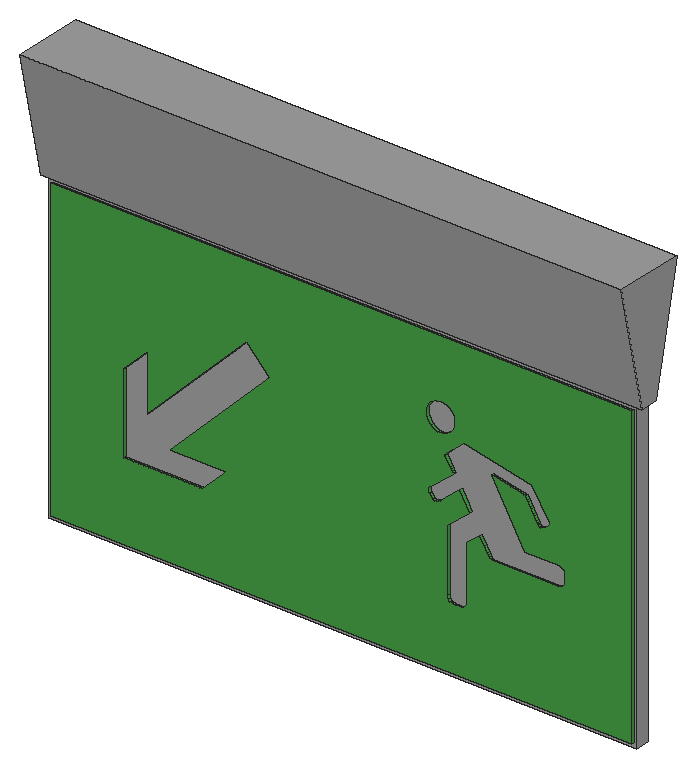
Revit family "ExiLED M ST LED (skrått 45 grader ned mot venstre_takmontasje)", category Lighting Fixtures, Revit 2013
Parameters (values of type "44m")
  Width Top = 53 mm
  Width = 10 mm
  Wattage Comments = "17 W"
  Wattage = 9.2903 W
  built-in parameter 1150110 = 1 (stored number, unit not read)
  Voltage = 230 V
  URL = ""
  built-in parameter 1114217 = 1 (stored number, unit not read)
  Tilt Angle = 90.00°
  built-in parameter 1150109 = 1 (stored number, unit not read)
  built-in parameter 1150134 = 3
  Symbol Positive Direction [instance] = yes
  Symbol Offset Side [instance] = 0 mm
  Symbol Offset Out [instance] = 0 mm
  built-in parameter 1150113 = 1 (stored number, unit not read)
  Reference Line Out [instance] = 31.983 mm
  Photometric Web File = "20x42A12.ies"
  Number of Poles = 1
  built-in parameter 1150105 = 109.82 (stored number, unit not read)
  Lumens = 1380 lm
  built-in parameter 1150115 = 1 (stored number, unit not read)
  Load Classification [instance] = Other
  Model = ""
  Manufacturer = ""
  built-in parameter 1150137 = (empty or 0)
  built-in parameter 1150139 = (empty or 0)
  Length = 455 mm
  built-in parameter 1150112 = 1 (stored number, unit not read)
  built-in parameter 1150114 = 1 (stored number, unit not read)
  Lamp = "1"
  built-in parameter 1150132 = (empty or 0)
  built-in parameter 1150102 = (empty or 0)
  built-in parameter 1150107 = 3200 (stored number, unit not read)
  built-in parameter 1150138 = (empty or 0)
  built-in parameter 1150106 = 1.0982 (stored number, unit not read)
  Height 1 = 232 mm
  Height = 322 mm
  built-in parameter 1150127 = Width  # 10 mm
  Emit from Rectangle Length = Length  # 455 mm
  Emit Shape Visible in Rendering = no
  built-in parameter 1150104 = 13.8 (stored number, unit not read)
  Dimming Lamp Color Temperature Shift = <None>
  Description = ""
  Color Filter = 16777215
  Body Material and Colour = Default
  built-in parameter 1114218 = 1 (stored number, unit not read)
  Emit from Rectangle Width = 3048 mm
  Assembly Code = ""
  Apparent Load = 17 VA
  44m = yes
  34m = no
  22m = no
Types (3, lengths in mm): name | Length | Height 1 | Height | Emit from Rectangle Length | 44m | 34m | 22m
  22m | 265 | 132 | 222 | 265 | no | no | yes
  34 m | 365 | 182 | 272 | 365 | no | yes | no
  44m | 455 | 232 | 322 | 455 | yes | no | no
Reference planes
  plane 1 "Light Source Axis (F/B)": y = 119.961
  plane 2 "Top": z = 83
  plane 3 "Light Source Axis (L/R)": x = 0
  plane 4 "Level": z = 0
  plane 5 "Bottom": z = -322
  plane 6: x = -227.5
  plane 7: x = 227.5
  plane 8: y = 124.961
  plane 9: y = 114.961
  plane 10: y = 126.961
  plane 11: y = 112.961
  plane 12: z = -90
  plane 13: y = 146.461
  plane 14: y = 93.461
  plane 15: x = -222.5
  plane 16: x = 222.5
  plane 17: z = -206
Forms (mm)
  Extrusion 1, solid, material "Default" <- "Body Material and Colour"
    sketch origin (0, 0, 0) x (0, 1, 0) y (0, 0, 1)
      loop
        line (124.961, -90) -> (114.961, -90) -> (114.961, -322) -> (124.961, -322) -> (124.961, -90)
    from -222.5 to 222.5
  Extrusion 2, solid, material "Default" <- "Body Material and Colour"
    sketch origin (0, 0, 0) x (0, 1, 0) y (0, 0, 1)
      loop
        line (93.461, 0) -> (112.961, -90) -> (126.961, -90) -> (146.461, 0) -> (93.461, 0)
    from -227.5 to 227.5
Lines and regions (mm)
  model lines, style "InvisibleLines"
    curve 1: line (0, 119.961, 0) -> (0, 151.943, 0)
Dimensions and locks
  "Height": plane 4 "Level" to plane 5 "Bottom"
  equal spacing: plane 6, plane 3 "Light Source Axis (L/R)", plane 7
  "Length": plane 6 to plane 7
  equal spacing: plane 8, plane 1 "Light Source Axis (F/B)", plane 9
  "Width": plane 8 to plane 9
  locked: plane 10 to plane 8 at 2
  locked: plane 9 to plane 11 at 2
  equal spacing: plane 13, plane 1 "Light Source Axis (F/B)", plane 14
  "Width Top": plane 13 to plane 14
  locked: plane 15 to plane 6 at 5
  locked: plane 7 to plane 16 at 5
  "Height 1": plane 12 to plane 5 "Bottom"
  equal spacing: plane 12, plane 17, plane 5 "Bottom"
  "Reference Line Out": plane 1 "Light Source Axis (F/B)" to curve 1
  aligned and locked: plane 4 "Level" to level
  aligned and locked: imposter light to plane 5 "Bottom"
  aligned and locked: plane 9 to Extrusion 1 sketch curve
  aligned and locked: plane 8 to Extrusion 1 sketch curve
  aligned and locked: Extrusion 1 sketch curve to plane 12
  aligned and locked: plane 4 "Level" to Extrusion 2 sketch curve
  aligned and locked: plane 12 to Extrusion 2 sketch curve
  aligned and locked: plane 13 to Extrusion 2 sketch curve
  aligned and locked: plane 14 to Extrusion 2 sketch curve
  aligned and locked: plane 11 to Extrusion 2 sketch curve
  aligned and locked: plane 10 to Extrusion 2 sketch curve
  aligned and locked: Extrusion 2 to plane 6
  aligned and locked: plane 7 to Extrusion 2
  aligned and locked: Extrusion 1 to plane 15
  aligned and locked: Extrusion 1 to plane 16
  aligned and locked: Extrusion 1 to plane 8
  aligned and locked: plane 9 to nested 1
  aligned and locked: plane 17 to nested 1
  aligned and locked: plane 3 "Light Source Axis (L/R)" to nested 1
  aligned and locked: plane 9 to nested 3
  aligned and locked: plane 17 to nested 3
  aligned and locked: nested 3 to plane 3 "Light Source Axis (L/R)"
  aligned and locked: plane 3 "Light Source Axis (L/R)" to nested 4
  aligned and locked: plane 9 to nested 4
  aligned and locked: plane 17 to nested 4
  aligned and locked: plane 8 to nested 5
  aligned and locked: plane 8 to nested 6
  aligned and locked: nested 5 to plane 17
  aligned and locked: nested 6 to plane 17
  aligned and locked: plane 3 "Light Source Axis (L/R)" to nested 7
  aligned and locked: plane 1 "Light Source Axis (F/B)" to nested 7
  aligned and locked: plane 1 "Light Source Axis (F/B)" to curve 1
  aligned and locked: plane 3 "Light Source Axis (L/R)" to curve 1
Automatic sketch dimensions
  Extrusion 1 sketch curve to plane 5 "Bottom" = 0 mm
Nested families
  nested 1: "22m_skrått 45 grader ned mot venstre" at (0, 114.961, -206), visible <- "22m", type "22m"
  nested 2: "22m_skrått 45 grader ned mot venstre" at (0, 124.961, -156), visible <- "22m", type "22m"
  nested 3: "34m_skrått 45 grader ned mot venstre" at (0, 114.961, -206), visible <- "34m", type "34m"
  nested 4: "44m_skrått 45 grader ned mot venstre" at (0, 114.961, -206), visible <- "44m", type "44m"
  nested 5: "44m_skrått 45 grader ned mot venstre" at (0, 124.961, -206), visible <- "44m", type "44m"
  nested 6: "34m_skrått 45 grader ned mot venstre" at (0, 124.961, -206), visible <- "34m", type "34m"
  nested 7: "MarkeringslysTakS" at (0, 119.961, 0), type "Type 1"
Connectors
  electrical at (0, 119.961, 0), driven by "Number of Poles", driven by "Load Classification", driven by "Voltage", driven by "Apparent Load"
    settings: on Extrusion 2, index 1, voltage 230 V, apparent load 0 VA, apparent load phase1 17 VA, apparent load phase2 0 VA, apparent load phase3 0 VA, power factor 1, load classification "Other", number of poles 1, system type 31, power factor state 1, is connector primary yes, connector utility no, sub classification motor no, connector description ""
Definition of nested family "22m_skrått 45 grader ned mot venstre"
  Parameters (values of type "22m")
    Material = yes
  Reference planes
    plane 1 "Center (Front/Back)": y = 0
    plane 2: z = 0
    plane 3 "Center (Left/Right)": x = 0
    plane 4: y = -2
  Forms (mm)
    Extrusion 1, solid, material "Green", visible <- "Material"
      sketch origin (0, 0, 0) x (1, 0, 0) y (0, 0, 1)
        loop
          line (-124.5, 63) -> (-124.5, -63) -> (124.5, -63) -> (124.5, 63) -> (-124.5, 63)
        loop
          circle (37.537, 37.911) r 7
        loop
          line (43.27, 25.598) -> (39.62, 21.947) -> (43.713, 14.858) -> (32.09, 5.106)
          arc (32.09, 5.106) -> (31.405, 3.789) -> (31.851, 2.374) r 1.939
          line (31.851, 2.374) -> (33.513, 0.393)
          arc (33.513, 0.393) -> (34.83, -0.292) -> (36.245, 0.154) r 1.939
          line (36.245, 0.154) -> (46.994, 9.174) -> (51.917, 0.649) -> (40.626, -8.825) -> (40.626, -39.679)
          arc (40.626, -39.679) -> (41.573, -41.964) -> (43.858, -42.911) r 3.232
          line (43.858, -42.911) -> (47.089, -42.911)
          arc (47.089, -42.911) -> (49.374, -41.964) -> (50.321, -39.679) r 3.232
          line (50.321, -39.679) -> (50.321, -13.346) -> (56.839, -7.877) -> (62.002, -16.82) -> (95.564, -16.82)
          arc (95.564, -16.82) -> (97.849, -15.873) -> (98.796, -13.588) r 3.232
          line (98.796, -13.588) -> (98.796, -10.356)
          arc (98.796, -10.356) -> (97.849, -8.071) -> (95.564, -7.125) r 3.232
          line (95.564, -7.125) -> (78.794, -7.125) -> (62.518, 21.066) -> (79.335, 17.791) -> (85.393, 7.3)
          arc (85.393, 7.3) -> (86.619, 6.384) -> (88.128, 6.643) r 1.939
          line (88.128, 6.643) -> (90.367, 8.097)
          arc (90.367, 8.097) -> (91.208, 9.32) -> (90.937, 10.78) r 1.939
          line (90.937, 10.78) -> (82.509, 23.758) -> (48.881, 30.306) -> (43.27, 25.598)
        loop
          line (-95.32, 5.171) -> (-95.32, -32.667) -> (-57.483, -32.667) -> (-46.131, -21.315) -> (-72.618, -21.315) -> (-25.32, 25.982) -> (-36.672, 37.333) -> (-83.969, -9.964) -> (-83.969, 16.523) -> (-95.32, 5.171)
      from 0 to 2
  Dimensions and locks
    aligned and locked: level to plane 2
    aligned and locked: plane 4 to Extrusion 1
    aligned and locked: Extrusion 1 to plane 1 "Center (Front/Back)"
    aligned and locked: Extrusion 1 to plane 4
Definition of nested family "34m_skrått 45 grader ned mot venstre"
  Parameters (values of type "34m")
    Material = yes
  Reference planes
    plane 1 "Center (Front/Back)": y = 0
    plane 2: z = 0
    plane 3 "Center (Left/Right)": x = 0
    plane 4: y = -2
  Forms (mm)
    Extrusion 1, solid, material "Green", visible <- "Material"
      sketch origin (0, 0, 0) x (1, 0, 0) y (0, 0, 1)
        loop
          line (-177, 88) -> (-177, -88) -> (177, -88) -> (177, 88) -> (-177, 88)
        loop
          circle (59.197, 48.678) r 8.988
        loop
          line (66.559, 32.868) -> (61.872, 28.181) -> (67.127, 19.078) -> (52.204, 6.556)
          arc (52.204, 6.556) -> (51.324, 4.865) -> (51.897, 3.048) r 2.49
          line (51.897, 3.048) -> (54.031, 0.505)
          arc (54.031, 0.505) -> (55.721, -0.375) -> (57.538, 0.198) r 2.49
          line (57.538, 0.198) -> (71.341, 11.78) -> (77.661, 0.833) -> (63.164, -11.332) -> (63.164, -50.949)
          arc (63.164, -50.949) -> (64.379, -53.883) -> (67.313, -55.098) r 4.149
          line (67.313, -55.098) -> (71.463, -55.098)
          arc (71.463, -55.098) -> (74.397, -53.883) -> (75.612, -50.949) r 4.149
          line (75.612, -50.949) -> (75.612, -17.137) -> (83.981, -10.114) -> (90.611, -21.597) -> (133.705, -21.597)
          arc (133.705, -21.597) -> (136.639, -20.381) -> (137.855, -17.447) r 4.149
          line (137.855, -17.447) -> (137.855, -13.298)
          arc (137.855, -13.298) -> (136.639, -10.364) -> (133.705, -9.148) r 4.149
          line (133.705, -9.148) -> (112.172, -9.148) -> (91.274, 27.049) -> (112.867, 22.844) -> (120.645, 9.373)
          arc (120.645, 9.373) -> (122.22, 8.197) -> (124.157, 8.53) r 2.49
          line (124.157, 8.53) -> (127.032, 10.397)
          arc (127.032, 10.397) -> (128.111, 11.967) -> (127.764, 13.841) r 2.49
          line (127.764, 13.841) -> (116.942, 30.506) -> (73.764, 38.913) -> (66.559, 32.868)
        loop
          line (-124.003, 3.295) -> (-124.003, -41.705) -> (-79.003, -41.705) -> (-65.503, -28.205) -> (-97.003, -28.205) -> (-40.753, 28.045) -> (-54.253, 41.545) -> (-110.503, -14.705) -> (-110.503, 16.795) -> (-124.003, 3.295)
      from 0 to 2
  Dimensions and locks
    aligned and locked: level to plane 2
    aligned and locked: plane 4 to Extrusion 1
    aligned and locked: Extrusion 1 to plane 1 "Center (Front/Back)"
    aligned and locked: Extrusion 1 to plane 4
Definition of nested family "44m_skrått 45 grader ned mot venstre"
  Parameters (values of type "44m")
    Material = yes
  Reference planes
    plane 1 "Center (Front/Back)": y = 0
    plane 2: z = 0
    plane 3 "Center (Left/Right)": x = 0
    plane 4: y = -2
  Forms (mm)
    Extrusion 1, solid, material "Green", visible <- "Material"
      sketch origin (0, 0, 0) x (1, 0, 0) y (0, 0, 1)
        loop
          line (-220, 113) -> (-220, -113) -> (220, -113) -> (220, 113) -> (-220, 113)
        loop
          circle (75.849, 58.115) r 10.73
        loop
          line (84.638, 39.24) -> (79.042, 33.644) -> (85.317, 22.776) -> (67.5, 7.827)
          arc (67.5, 7.827) -> (66.45, 5.809) -> (67.134, 3.639) r 2.972
          line (67.134, 3.639) -> (69.681, 0.603)
          arc (69.681, 0.603) -> (71.699, -0.447) -> (73.869, 0.237) r 2.972
          line (73.869, 0.237) -> (90.347, 14.064) -> (97.892, 0.994) -> (80.585, -13.528) -> (80.585, -60.825)
          arc (80.585, -60.825) -> (82.036, -64.328) -> (85.539, -65.779) r 4.954
          line (85.539, -65.779) -> (90.492, -65.779)
          arc (90.492, -65.779) -> (93.995, -64.328) -> (95.446, -60.825) r 4.954
          line (95.446, -60.825) -> (95.446, -20.459) -> (105.438, -12.075) -> (113.353, -25.783) -> (164.801, -25.783)
          arc (164.801, -25.783) -> (168.304, -24.332) -> (169.755, -20.829) r 4.954
          line (169.755, -20.829) -> (169.755, -15.876)
          arc (169.755, -15.876) -> (168.304, -12.373) -> (164.801, -10.922) r 4.954
          line (164.801, -10.922) -> (139.094, -10.922) -> (114.144, 32.293) -> (139.923, 27.273) -> (149.208, 11.19)
          arc (149.208, 11.19) -> (151.089, 9.786) -> (153.401, 10.183) r 2.972
          line (153.401, 10.183) -> (156.834, 12.413)
          arc (156.834, 12.413) -> (158.123, 14.287) -> (157.708, 16.524) r 2.972
          line (157.708, 16.524) -> (144.788, 36.42) -> (93.24, 46.457) -> (84.638, 39.24)
        loop
          line (-164.557, 6.217) -> (-164.557, -53.783) -> (-104.557, -53.783) -> (-86.557, -35.783) -> (-128.557, -35.783) -> (-53.557, 39.217) -> (-71.557, 57.217) -> (-146.557, -17.783) -> (-146.557, 24.217) -> (-164.557, 6.217)
      from 0 to 2
  Dimensions and locks
    aligned and locked: level to plane 2
    aligned and locked: plane 4 to Extrusion 1
    aligned and locked: Extrusion 1 to plane 1 "Center (Front/Back)"
    aligned and locked: Extrusion 1 to plane 4
Definition of nested family "MarkeringslysTakS"
  Parameters (values of type "Type 1")
    CQ Symbol Positive Direction = yes
    CQ Symbol Negative Direction = not(CQ Symbol Positive Direction)  # no
    CQ Symbol Offset Side = 0 mm
    CQ Symbol Offset Out = 0 mm
  Reference planes
    plane 1: y = 0
    plane 2: x = 0
  Dimensions and locks
    "CQ Symbol Offset Out": plane 1 to nested 1
    "CQ Symbol Offset Out": plane 1 to nested 2
    "CQ Symbol Offset Side": plane 2 to nested 2
    "CQ Symbol Offset Side": nested 1 to plane 2
  Nested families
    nested 1: "LedelysSub" at (0, 0, 0), visible <- "CQ Symbol Negative Direction", type "Type 1"
    nested 2: "LedelysSub" at (0, 0, 0), visible <- "CQ Symbol Positive Direction", type "Type 1"
  Definition of nested family "LedelysSub"
    Reference planes
      plane 1: y = 0
      plane 2: x = 0
    Lines and regions (mm)
      Filled region 1, type "Filled region 1"
        outline origin (64.576, 51.459, 0) x (1, 0, 0) y (0, 1, 0)
          loop
            arc (-65.575, -52.307) -> (-65.224, -51.459) -> (-65.575, -50.61) r 1.2
            line (-65.575, -50.61) -> (-66.424, -51.459) -> (-65.575, -52.307)
      Filled region 2, type "Filled region 1"
        outline origin (-68.271, 51.459, 0) x (0, 1, 0) y (-1, 0, 0)
          loop
            line (-52.307, -65.575) -> (-51.459, -66.424) -> (-50.61, -65.575)
            arc (-50.61, -65.575) -> (-51.459, -65.224) -> (-52.307, -65.575) r 1.2
      detail lines
        curve 1: line (-4, -2, 0) -> (4, -2, 0)
        curve 2: line (4, -2, 0) -> (4, 2, 0)
        curve 3: line (4, 2, 0) -> (-4, 2, 0)
        curve 4: line (-4, 2, 0) -> (-4, -2, 0)
        curve 5: line (-3.097, -1.25, 0) -> (-0.597, 1.25, 0)
        curve 6: line (-3.097, 1.25, 0) -> (-0.597, -1.25, 0)
        curve 7: circle (-1.847, 0, 0) r 1.2 normal (0, 0, 1)
    Text (mm)
      text "ML" at (2.179, 1.025, 0)
    Dimensions and locks
      aligned and locked: Filled region 1 sketch curve to curve 7
